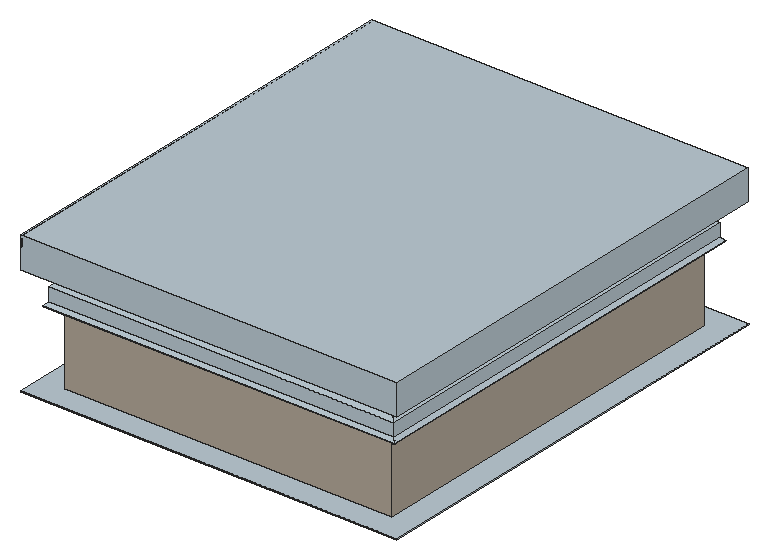
Revit family "NLRS_33_GM_FB_TC_STORAX_vloerluik_S-50EX_BCB", category Generic Models, host Face, Revit 2015
Parameters
  waterdicht = true  # yes
  veersysteem = false  # no
  uitwendige_lengte = 1093 mm
  uitwendige_breedte = 938 mm
  true = yes
  thermische onderbreking = false  # no
  scharnierend = true  # yes
  productgroep = "Dakluiken"  # constant formula
  plaatdikte = 2.3 mm  # constant formula
  openingshoek = 90.00°  # constant formula
  ontgrendelingsmechanisme = true  # yes
  omschrijving = "explosieluik"  # constant formula
  omranding waterafvoerend = false  # no
  omranding hoekprofiel = false  # no
  omranding dakopstand = true  # yes
  modeler = "Bouwconnect"  # constant formula
  materiaal = bcb_aluminium
  loopslot = false  # no
  hoogte = 305 mm  # constant formula
  gewicht = 54.00 kg
  garantietermijn in jaren = 10  # constant formula
  false = not(true)  # no
  deurblad = "vlak"  # constant formula
  dagmaatlengte = 915 mm
  dagmaatbreedte = 760 mm
  conservering = "brut"  # constant formula
  code productgroep = "LUI"  # constant formula
  cilinderslot = false  # no
  brandwerend 60 min = false  # no
  belasting kg/m2 = 200  # constant formula
  bediening = "handmatig"  # constant formula
  URL = "https://www.storax.nl/producten/dakluiken/445/type-nb-50-ex"
  Model = "S50EX"  # constant formula
  Manufacturer = "Storax"  # constant formula
  Default Elevation = 0 mm  # constant formula
Reference planes
  plane 1 "Center (Front/Back)": y = 0
  plane 2: z = 0
  plane 3 "Center (Left/Right)": x = 0
  plane 4: y = 457.5
  plane 5: y = -457.5
  plane 6: x = 380
  plane 7: x = -380
Forms (mm)
  Extrusion 1, void
    sketch origin (0, 0, 0) x (1, 0, 0) y (0, 1, 0)
      loop
        line (-380, -457.5) -> (380, -457.5) -> (380, 457.5) -> (-380, 457.5) -> (-380, -457.5)
    from -500 to 10
  Extrusion 2, solid, material "bcb_aluminium" <- "materiaal", detail levels coarse
    sketch origin (0, 0, 317.97) x (0, -1, 0) y (1, 0, 0)
      loop
        line (-546.4, -468.7) -> (546.4, -468.7) -> (546.4, 468.7) -> (-546.4, 468.7) -> (-546.4, -468.7)
    from -44.97 to 31.28
  Sweep 3, solid, material "bcb_hout", detail levels medium+fine
    path origin (0, 0, 317.97) x (0, -1, 0) y (1, 0, 0)
      loop
        line (-457.5, -380) -> (457.5, -380) -> (457.5, 380) -> (-457.5, 380) -> (-457.5, -380)
    profile origin (0, 457.5, 317.97) x (0, 1, 0) y (0, 0, 1)
      loop
        line (27.704, -315.682) -> (27.704, -130.522) -> (2.304, -130.522) -> (2.304, -315.682) -> (27.704, -315.682)
  Sweep 4, solid, material "bcb_aluminium" <- "materiaal"
    path origin (0, 0, 311.57) x (0, -1, 0) y (1, 0, 0)
      loop
        line (-457.5, -380) -> (457.5, -380) -> (457.5, 380) -> (-457.5, 380) -> (-457.5, -380)
    profile origin (-380, 0, 311.57) x (1, 0, 0) y (0, 0, 1)
      loop
        line (-86.412, 12.263) -> (-86.412, 35.393) -> (45.083, 35.393) -> (45.083, 37.68) -> (-88.7, 37.68) -> (-88.7, -38.57) -> (-84.125, -38.57) -> (-84.125, 9.976) -> (-71.417, 9.976) -> (-71.417, 12.263) -> (-86.412, 12.263)
  Sweep 5, solid, material "bcb_aluminium" <- "materiaal", detail levels medium+fine
    path origin (0, 0, 311.57) x (0, -1, 0) y (1, 0, 0)
      loop
        line (-457.5, -380) -> (457.5, -380) -> (457.5, 380) -> (-457.5, 380) -> (-457.5, -380)
    profile origin (-380, 0, 311.57) x (1, 0, 0) y (0, 0, 1)
      loop
        line (-58.467, -17.54) -> (-44.678, -2.56) -> (-44.678, 7.688) -> (-60.03, 7.688) -> (-60.03, 2.163)
        arc (-60.03, 2.163) -> (-65.433, 0.5) -> (-71.014, -0.397) r 40.623
        arc (-71.014, -0.397) -> (-75.171, -16.602) -> (-58.467, -17.54) r 10.828
  Extrusion 6, solid, material "bcb_aluminium" <- "materiaal"
    sketch origin (0, 0, 0) x (1, 0, 0) y (0, 0, 1)
      loop
        line (-334.917, 349.25) -> (-334.917, 346.962) -> (334.917, 346.962) -> (334.917, 349.25) -> (-334.917, 349.25)
    from -412.417 to 412.417
  Sweep 7, solid, material "bcb_aluminium" <- "materiaal", detail levels coarse
    path origin (0, 0, 317.97) x (0, -1, 0) y (1, 0, 0)
      loop
        line (-457.5, -380) -> (457.5, -380) -> (457.5, 380) -> (-457.5, 380) -> (-457.5, -380)
    profile origin (0, 457.5, 317.97) x (0, 1, 0) y (0, 0, 1)
      loop
        line (0, -317.97) -> (36.537, -317.97) -> (36.537, -12.969) -> (0, -12.969) -> (0, -317.97)
  Sweep 8, solid, material "bcb_aluminium" <- "materiaal", detail levels medium+fine
    path origin (0, 0, 317.97) x (0, -1, 0) y (1, 0, 0)
      loop
        line (-457.5, -380) -> (457.5, -380) -> (457.5, 380) -> (-457.5, 380) -> (-457.5, -380)
    profile origin (0, 457.5, 317.97) x (0, 1, 0) y (0, 0, 1)
      loop
        line (0, -317.97) -> (88.959, -317.97) -> (88.959, -315.682) -> (2.3, -315.682) -> (2.3, -130.522) -> (56.489, -130.522) -> (58.106, -128.904) -> (49.245, -120.043) -> (49.245, -88.272) -> (36.537, -75.564) -> (36.537, -12.969) -> (0, -12.969) -> (0, -317.97)
Cuts and joins
  joined: Sweep 4, Extrusion 6
Text (mm)
  text "Indien u deze familie geopend hebt vanuit het project via Edit Family: Niet Opslaan!\n\nOpen de familie via File - Open Family om de familie aan te passen.\n\n\n\nMocht u zelf aanpassingen willen aanbrengen in een type van de family, \n\npak dan het type maatwerk en neem contact op met Storax." at (-0.374, 989.999, 0), in view "Ref. Level"
Dimensions and locks
  "dagmaatbreedte": plane 7 to plane 6
  equal spacing: plane 7, plane 3 "Center (Left/Right)", plane 6
  equal spacing: plane 4, plane 1 "Center (Front/Back)", plane 5
  "dagmaatlengte": plane 4 to plane 5
  aligned and locked: host face to plane 2
  aligned and locked: host face to level
  aligned and locked: Sweep 3 sketch curve to plane 4
  aligned and locked: Sweep 3 sketch curve to plane 7
  aligned and locked: plane 5 to Sweep 3 sketch curve
  aligned and locked: Sweep 3 sketch curve to plane 6
  aligned and locked: Sweep 4 sketch curve to plane 4
  aligned and locked: Sweep 4 sketch curve to plane 5
  aligned and locked: plane 7 to Sweep 4 sketch curve
  aligned and locked: Sweep 4 sketch curve to plane 6
  aligned and locked: Extrusion 6 sketch curve to Sweep 4  (x4)
  aligned and locked: Extrusion 6 to Sweep 4  (x2)
Automatic sketch dimensions
  host sketch curve to host sketch curve = 4109.105 mm
  host sketch curve to host sketch curve = 3969.021 mm
  Extrusion 1 sketch curve to plane 4 = 0 mm
  Extrusion 1 sketch curve to plane 7 = 0 mm
  Extrusion 1 sketch curve to plane 6 = 0 mm
  Extrusion 1 sketch curve to plane 5 = 0 mm
  plane 4 to Extrusion 2 sketch curve = 88.9 mm
  Extrusion 2 sketch curve to plane 5 = 88.9 mm
  plane 7 to Extrusion 2 sketch curve = 88.7 mm
  plane 6 to Extrusion 2 sketch curve = 88.7 mm
  Sweep 4 sketch curve to profile plane = 38.57 mm
  profile plane to Sweep 4 sketch curve = 88.7 mm
  profile plane to Sweep 4 sketch curve = 12.263 mm
  Sweep 4 sketch curve to Sweep 4 sketch curve = 2.288 mm  (x3)
  Sweep 4 sketch curve to Sweep 4 sketch curve = 4.575 mm
  Sweep 4 sketch curve to Sweep 4 sketch curve = 12.708 mm
  Sweep 4 sketch curve to profile plane = 45.083 mm
  profile plane to Sweep 4 sketch curve = 35.393 mm
  Sweep 5 sketch curve to plane 4 = 0 mm
  Sweep 5 sketch curve to plane 5 = 0 mm
  Sweep 5 sketch curve to plane 7 = 0 mm
  Sweep 5 sketch curve to plane 6 = 0 mm
  profile plane to Sweep 5 sketch curve = 74.652 mm
  Sweep 5 sketch curve to profile plane = 10.208 mm
  Sweep 5 sketch curve to Sweep 5 sketch curve = 8.218 mm
  profile plane to Sweep 5 sketch curve = 7.688 mm
  Sweep 5 sketch curve to Sweep 5 sketch curve = 6.404 mm
  Sweep 5 sketch curve to Sweep 5 sketch curve = 15.352 mm
  Sweep 5 sketch curve to profile plane = 2.56 mm
  profile plane to Sweep 5 sketch curve = 2.163 mm
  Sweep 5 sketch curve to Sweep 5 sketch curve = 32.375 mm
  Sweep 5 sketch curve to profile plane = 0.397 mm
  Sweep 5 sketch curve to Sweep 5 sketch curve = 7.966 mm
  Sweep 5 sketch curve to profile plane = 17.54 mm
  Sweep 5 sketch curve to Sweep 5 sketch curve = 0 mm
  Sweep 7 sketch curve to plane 4 = 0 mm
  Sweep 7 sketch curve to plane 5 = 0 mm
  Sweep 7 sketch curve to plane 7 = 0 mm
  Sweep 7 sketch curve to plane 6 = 0 mm
  Sweep 7 sketch curve to profile plane = 0 mm
  Sweep 7 sketch curve to profile plane = 36.537 mm
  Sweep 7 sketch curve to profile plane = 317.97 mm
  Sweep 7 sketch curve to profile plane = 12.969 mm
  Sweep 8 sketch curve to plane 4 = 0 mm
  Sweep 8 sketch curve to plane 5 = 0 mm
  Sweep 8 sketch curve to plane 7 = 0 mm
  Sweep 8 sketch curve to plane 6 = 0 mm
  Sweep 8 sketch curve to profile plane = 0 mm
  Sweep 8 sketch curve to profile plane = 12.969 mm
  Sweep 8 sketch curve to profile plane = 36.537 mm
  Sweep 8 sketch curve to Sweep 8 sketch curve = 12.708 mm  (x2)
  Sweep 8 sketch curve to Sweep 8 sketch curve = 7.244 mm
  Sweep 8 sketch curve to Sweep 8 sketch curve = 1.618 mm
  Sweep 8 sketch curve to Sweep 8 sketch curve = 62.594 mm
  Sweep 8 sketch curve to Sweep 8 sketch curve = 31.771 mm
  Sweep 8 sketch curve to Sweep 8 sketch curve = 8.861 mm
  Sweep 8 sketch curve to Sweep 8 sketch curve = 185.161 mm
  Sweep 8 sketch curve to Sweep 8 sketch curve = 2.288 mm
  Sweep 8 sketch curve to profile plane = 2.3 mm
  Sweep 8 sketch curve to Sweep 8 sketch curve = 86.659 mm
  Sweep 3 sketch curve to profile plane = 2.304 mm
  Sweep 3 sketch curve to profile plane = 27.704 mm
  Sweep 3 sketch curve to Sweep 3 sketch curve = 185.161 mm
  Sweep 3 sketch curve to profile plane = 315.682 mm
